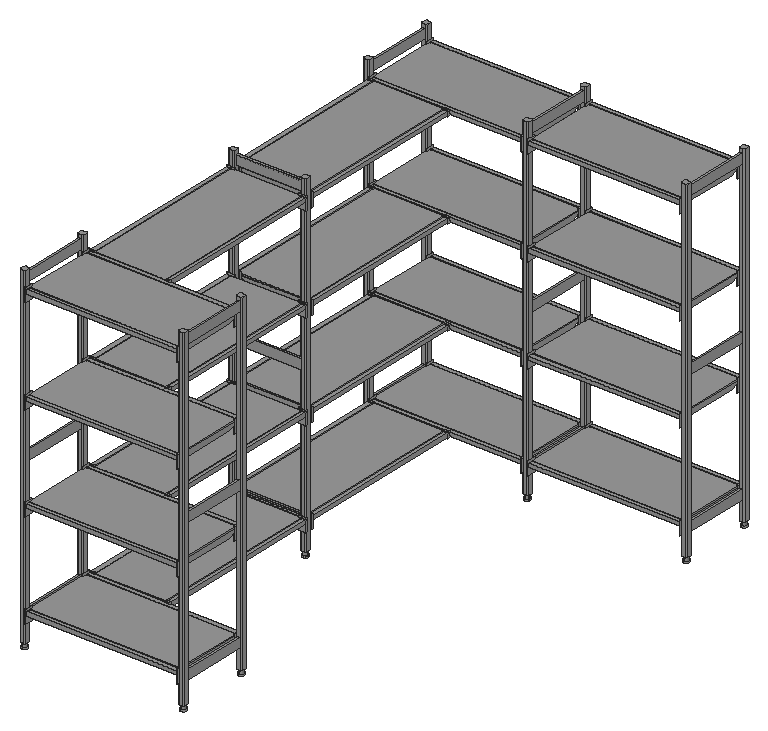
Revit family "QF_ELECTROLUXPROFESSIONAL_137093_CRS1624", category Attrezzature speciali, Revit 2020
Family settings
  Quota connettore circolare = Usa diametro
  Tipo di parte = Normale
  Basato su piano di lavoro = No
  Sempre verticale = Sì
  Taglio con vuoti quando caricato = No
  Condiviso = No
  Punto di calcolo locali = No
Parameters (values of type "Standard")
  Weight = 67.00 kg
  Watts = 0 W
  Volts = 0 V
  URL Manufacturer = "https://www.electroluxprofessional.com/"
  URL = "https://www.electroluxprofessional.com/"
  Steam Supply Size = 0 mm
  Steam Supply Minimum Pressure = 0.0 Pa
  Steam Supply Maximum Pressure = 0.0 Pa
  Steam Consumption per Hour = 0
  Refrigeration Suction Line Size = 0 mm
  Refrigeration Liquid Line Size = 0 mm
  Refrigerant Compressor Remote = yes
  Prospetto di default = 0 mm
  Produttore = "Electrolux Professional"
  Phase = 0
  Modello = "CRS1624"
  Length Actual = 708 mm  # constant formula
  Item Number = "137093"
  Hot Water Size = 0 mm
  Height Actual = 1550 mm  # constant formula
  HP = "0 HP"
  Gas Size = 0 mm
  Gas KW = 0
  Gas Input Pressure = 0 W
  Direct Waste Size = 0 mm
  Descrizione = "ALUM.SHELV.,POLY.TIERS-COLDROOM 163X243"
  Depth Actual = 373 mm  # constant formula
  Cycle = 0 Hz
  Condensate Return Size = 0 mm
  Compressed Air Volume = 0.0 L/s
  Compressed Air Size = 0 mm
  Compressed Air Pressure = 0.0 Pa
  Cold Water Size = 0 mm
  Accessory = yes
Reference planes
  plane 1 "Center (Front/Back)": y = 0
  plane 2: z = 0
  plane 3 "Center (Left/Right)": x = 0
  plane 4: x = -815
  plane 5: y = 1215
  plane 6: y = -1215
  plane 7: x = 815
  plane 8: x = -758
  plane 9: x = 758
  plane 10: y = 1193
  plane 11: y = -1193
Forms (mm)
  Extrusion 1, solid, material "QF_Clearances", detail levels coarse
    sketch origin (0, 0, 0) x (1, 0, 0) y (0, 1, 0)
      loop
        line (-815, -1215) -> (815, -1215) -> (815, 1215) -> (-815, 1215) -> (-815, -1215)
      loop
        line (758, -1193) -> (758, 1193) -> (-758, 1193) -> (-758, -1193) -> (758, -1193)
    from 0 to 1590
Lines and regions (mm)
  symbolic lines, style "QF_Clearances"
    curve 1: line (-815, 1215, 0) -> (-815, -1215, 0)
    curve 2: line (815, 1215, 0) -> (-815, 1215, 0)
    curve 3: line (815, -1215, 0) -> (815, 1215, 0)
Dimensions and locks
  equal spacing: plane 5, plane 1 "Center (Front/Back)", plane 6
  plane 5 to plane 6 = 2430 mm
  equal spacing: plane 4, plane 3 "Center (Left/Right)", plane 7
  plane 4 to plane 7 = 1630 mm
  plane 4 to plane 8 = 57 mm
  plane 8 to plane 9 = 1516 mm
  plane 11 to plane 6 = 22 mm
  plane 10 to plane 11 = 2386 mm
  aligned and locked: level to plane 2
  aligned and locked: Extrusion 1 sketch curve to plane 4
  aligned and locked: Extrusion 1 sketch curve to plane 5
  aligned and locked: Extrusion 1 sketch curve to plane 7
  aligned and locked: Extrusion 1 sketch curve to plane 8
  aligned and locked: plane 10 to Extrusion 1 sketch curve
  aligned and locked: Extrusion 1 sketch curve to plane 9
  aligned and locked: Extrusion 1 sketch curve to plane 11
  aligned and locked: Extrusion 1 sketch curve to plane 6
Automatic sketch dimensions
  curve 1 to plane 4 = 0 mm
  curve 2 to plane 5 = 0 mm
  curve 2 to plane 7 = 0 mm
  curve 1 to plane 6 = 0 mm
  curve 3 to plane 6 = 0 mm
Nested families
  nested 1: "QF_708" at (-341, -843, 0), type "QF_708"
  nested 2: "QF_708" at (403, 1170, 0), type "QF_708"
  nested 3: "QF_708" at (-341, 1170, 0), type "QF_708"
  nested 4: "QF_798G" at (-506.5, 535.5, 0), type "QF_798G"
  nested 5: "QF_798G" at (-506.5, -535.5, 0), type "QF_798G"
Definition of nested family "QF_708"
  Parameters
    Default Elevation = 0 mm
    Model = "137010"
    Manufacturer = "Electrolux Professional"
    Description = ""
  Reference planes
    plane 1: z = 0
    plane 2 "Center (Left/Right)": x = -31
    plane 3 "LEFT": x = -417
    plane 4 "RIGHT": x = 355
    plane 5 "BACK": y = 23
    plane 6 "FRONT": y = -350
    plane 7 "TOP": z = 1700
    plane 8: x = 350
    plane 9: x = -385
    plane 10: x = 323
    plane 11 "Center (Front/Back)": y = -163.5
    plane 12: x = 318
    plane 13: y = -8.5
    plane 14: y = -318.5
    plane 15 "FEET": z = 25
    plane 16: z = 140
    plane 17: z = 590
    plane 18: z = 1040
    plane 19: z = 1490
    plane 20 "CXLeft": x = -403
    plane 21 "CXRight": x = 341
    plane 22: y = 5.5
    plane 23 "CYBack": y = 5.5
    plane 24 "CYFront": y = -332.5
  Forms (mm)
    Extrusion 1, solid
      sketch origin (-417, 0, 0) x (0, 1, 0) y (0, 0, 1)
        loop
          line (4, 1515.994) -> (4, 1497.998) -> (23, 1497.998) -> (23, 1515.994) -> (4, 1515.994)
        loop
          line (-331, 1515.994) -> (-350, 1515.994) -> (-350, 1497.998) -> (-331, 1497.998) -> (-331, 1515.994)
        loop
          line (4, 1065.994) -> (4, 1047.998) -> (23, 1047.998) -> (23, 1065.994) -> (4, 1065.994)
        loop
          line (-331, 1065.994) -> (-350, 1065.994) -> (-350, 1047.998) -> (-331, 1047.998) -> (-331, 1065.994)
        loop
          line (4, 615.994) -> (4, 597.998) -> (23, 597.998) -> (23, 615.994) -> (4, 615.994)
        loop
          line (-331, 615.994) -> (-350, 615.994) -> (-350, 597.998) -> (-331, 597.998) -> (-331, 615.994)
        loop
          line (4, 165.994) -> (4, 147.998) -> (23, 147.998) -> (23, 165.994) -> (4, 165.994)
        loop
          line (-331, 165.994) -> (-350, 165.994) -> (-350, 147.998) -> (-331, 147.998) -> (-331, 165.994)
      from 32 to 740
    Extrusion 2, solid
      sketch origin (-417, 0, 135) x (0, 1, 0) y (0, 0, 1)
        loop
          line (2.007, 1380.994) -> (-329, 1380.994) -> (-329, 1374.496) -> (2.007, 1374.496) -> (2.007, 1380.994)
        loop
          line (2.007, 930.994) -> (-329, 930.994) -> (-329, 924.496) -> (2.007, 924.496) -> (2.007, 930.994)
        loop
          line (2.007, 480.994) -> (-329, 480.994) -> (-329, 474.496) -> (2.007, 474.496) -> (2.007, 480.994)
        loop
          line (2.007, 30.994) -> (-329, 30.994) -> (-329, 24.496) -> (2.007, 24.496) -> (2.007, 30.994)
      from 32 to 740
    Extrusion 3, solid
      sketch origin (355, 0, 135) x (0, 1, 0) y (0, 0, 1)
        loop
          line (-12, 1362.998) -> (4, 1362.998) -> (4, 1380.994) -> (2.007, 1380.994) -> (2.007, 1374.496) -> (-329, 1374.496) -> (-329, 1380.994) -> (-331, 1380.994) -> (-331, 1362.998) -> (-315, 1362.998) -> (-281, 1350.994) -> (-46, 1350.994) -> (-12, 1362.998)
        loop
          line (-12, 912.998) -> (4, 912.998) -> (4, 930.994) -> (2.007, 930.994) -> (2.007, 924.496) -> (-329, 924.496) -> (-329, 930.994) -> (-331, 930.994) -> (-331, 912.998) -> (-315, 912.998) -> (-281, 900.994) -> (-46, 900.994) -> (-12, 912.998)
        loop
          line (-12, 462.998) -> (4, 462.998) -> (4, 480.994) -> (2.007, 480.994) -> (2.007, 474.496) -> (-329, 474.496) -> (-329, 480.994) -> (-331, 480.994) -> (-331, 462.998) -> (-315, 462.998) -> (-281, 450.994) -> (-46, 450.994) -> (-12, 462.998)
        loop
          line (-12, 12.998) -> (4, 12.998) -> (4, 30.994) -> (2.007, 30.994) -> (2.007, 24.496) -> (-329, 24.496) -> (-329, 30.994) -> (-331, 30.994) -> (-331, 12.998) -> (-315, 12.998) -> (-281, 0.994) -> (-46, 0.994) -> (-12, 12.998)
      from -32 to -37
  Lines and regions (mm)
    symbolic lines
      curve 1: line (323, 4, 1700) -> (-385, 4, 1700)
      curve 2: line (-389, 23, 1700) -> (327, 23, 1700)
      curve 3: line (327, 13.246, 1700) -> (333.254, 19.5, 1700)
      curve 4: line (333.254, -8.5, 1700) -> (327, -2.246, 1700)
      curve 5: line (333.254, -318.5, 1700) -> (327, -324.754, 1700)
      curve 6: line (-389, -350, 1700) -> (327, -350, 1700)
      curve 7: line (327, 23, 1700) -> (327, -12.993, 1700)
      curve 8: line (327, -12.993, 1700) -> (323, -12.993, 1700)
      curve 9: line (327, -350, 1700) -> (327, -314.007, 1700)
      curve 10: line (327, -314.007, 1700) -> (323, -314.007, 1700)
      curve 11: line (-385, -12.993, 1700) -> (-385, -314.007, 1700)
      curve 12: line (-385, -331, 1700) -> (323, -331, 1700)
      curve 13: line (323, -12.993, 1700) -> (323, -314.007, 1700)
  Dimensions and locks
    locked: plane 3 "LEFT" to plane 4 "RIGHT" at 772
    equal spacing: plane 3 "LEFT", plane 2 "Center (Left/Right)", plane 4 "RIGHT"
    locked: plane 7 "TOP" to level at 1700
    locked: plane 5 "BACK" to plane 6 "FRONT" at 373
    locked: plane 4 "RIGHT" to plane 8 at 5
    locked: plane 9 to plane 10 at 708
    locked: plane 3 "LEFT" to plane 9 at 32
    plane 12 to plane 10 = 5 mm
    locked: plane 13 to plane 14 at 310
    equal spacing: plane 13, plane 11 "Center (Front/Back)", plane 14
    equal spacing: plane 5 "BACK", plane 11 "Center (Front/Back)", plane 6 "FRONT"
    plane 15 "FEET" to level = 25 mm
    plane 7 "TOP" to plane 15 "FEET" = 1675 mm
    plane 17 to plane 16 = 450 mm
    plane 18 to plane 17 = 450 mm
    plane 19 to plane 18 = 450 mm
    locked: plane 3 "LEFT" to plane 20 "CXLeft" at 14
    locked: plane 21 "CXRight" to plane 4 "RIGHT" at 14
    locked: plane 5 "BACK" to plane 23 "CYBack" at 17.5
    locked: plane 24 "CYFront" to plane 6 "FRONT" at 17.5
    plane 16 to level = 140 mm
    plane 17 to level = 590 mm
    plane 18 to level = 1040 mm
    plane 19 to level = 1490 mm
    aligned and locked: level to plane 1
    aligned and locked: plane 9 to Extrusion 2
    aligned and locked: Extrusion 2 to plane 10
    aligned and locked: plane 9 to Extrusion 1
    aligned and locked: Extrusion 1 to plane 10
    aligned and locked: Extrusion 1 sketch curve to Extrusion 1 sketch curve  (x2)
    aligned and locked: Extrusion 3 sketch curve to Extrusion 3 sketch curve  (x3)
    aligned and locked: Extrusion 3 to plane 12
    aligned and locked: Extrusion 3 to plane 10
    aligned and locked: plane 20 "CXLeft" to nested 1
    aligned and locked: plane 21 "CXRight" to nested 2
  Automatic sketch dimensions
    Extrusion 1 sketch curve to plane 6 "FRONT" = 0 mm  (x4)
    Extrusion 1 sketch curve to plane 5 "BACK" = 0 mm  (x4)
    plane 24 "CYFront" to Extrusion 1 sketch curve = 1.5 mm  (x2)
    plane 22 to Extrusion 1 sketch curve = 1.5 mm  (x4)
    plane 16 to Extrusion 1 sketch curve = 7.998 mm  (x2)
    Extrusion 1 sketch curve to Extrusion 1 sketch curve = 17.997 mm  (x8)
    plane 17 to Extrusion 1 sketch curve = 7.998 mm  (x2)
    plane 18 to Extrusion 1 sketch curve = 7.998 mm  (x2)
    plane 19 to Extrusion 1 sketch curve = 7.998 mm  (x2)
    plane 24 "CYFront" to Extrusion 2 sketch curve = 3.5 mm  (x4)
    plane 22 to Extrusion 2 sketch curve = 3.493 mm  (x4)
    plane 16 to Extrusion 2 sketch curve = 19.496 mm
    Extrusion 2 sketch curve to Extrusion 2 sketch curve = 6.499 mm  (x4)
    plane 17 to Extrusion 2 sketch curve = 19.496 mm
    plane 18 to Extrusion 2 sketch curve = 19.496 mm
    plane 19 to Extrusion 2 sketch curve = 19.496 mm
    plane 24 "CYFront" to Extrusion 3 sketch curve = 1.5 mm  (x4)
    Extrusion 3 sketch curve to Extrusion 3 sketch curve = 2 mm
    plane 14 to Extrusion 3 sketch curve = 3.5 mm  (x4)
    Extrusion 3 sketch curve to plane 16 = 4.006 mm
    Extrusion 3 sketch curve to Extrusion 3 sketch curve = 34 mm  (x4)
    Extrusion 3 sketch curve to plane 17 = 4.006 mm
    Extrusion 3 sketch curve to plane 18 = 4.006 mm
    Extrusion 3 sketch curve to plane 19 = 4.006 mm
    Extrusion 3 sketch curve to plane 13 = 37.5 mm  (x4)
    Extrusion 3 sketch curve to plane 13 = 3.5 mm  (x4)
    plane 22 to Extrusion 3 sketch curve = 3.493 mm  (x4)
    plane 22 to Extrusion 3 sketch curve = 1.5 mm  (x4)
    plane 16 to Extrusion 3 sketch curve = 7.998 mm  (x2)
    Extrusion 3 sketch curve to Extrusion 3 sketch curve = 11.498 mm  (x4)
    Extrusion 3 sketch curve to Extrusion 3 sketch curve = 6.499 mm  (x8)
    plane 17 to Extrusion 3 sketch curve = 7.998 mm  (x2)
    plane 18 to Extrusion 3 sketch curve = 7.998 mm  (x2)
    plane 19 to Extrusion 3 sketch curve = 7.998 mm  (x2)
    curve 6 to plane 6 "FRONT" = 0 mm
    curve 12 to plane 9 = 0 mm
    curve 12 to plane 10 = 0 mm
    curve 5 to plane 14 = 0 mm
    curve 11 to plane 9 = 0 mm
    curve 8 to plane 10 = 0 mm
    curve 4 to plane 13 = 0 mm
    curve 1 to plane 9 = 0 mm
    curve 1 to plane 10 = 0 mm
    curve 2 to plane 5 "BACK" = 0 mm
    plane 14 to curve 10 = 4.493 mm
    curve 7 to plane 13 = 4.493 mm
    curve 10 to plane 10 = 4 mm
    curve 7 to plane 10 = 4 mm
    plane 24 "CYFront" to curve 12 = 1.5 mm
    curve 5 to plane 14 = 6.254 mm
    plane 14 to curve 11 = 4.493 mm
    curve 11 to plane 13 = 4.493 mm
    plane 13 to curve 4 = 6.254 mm
    plane 22 to curve 1 = 1.5 mm
    curve 3 to plane 22 = 7.746 mm
    curve 3 to plane 5 "BACK" = 3.5 mm
    curve 5 to curve 9 = 6.254 mm
    curve 3 to curve 2 = 6.254 mm
    curve 4 to curve 7 = 6.254 mm
    plane 9 to curve 2 = 4 mm
    plane 9 to curve 6 = 4 mm
  Nested families
    nested 1: "WT_Anta373B" at (0, 0, 0), type "WT_Anta373B"
    nested 2: "WT_Anta373B" at (-62, 0, 0) x (-1, 0, 0) z (0, 0, 1), type "WT_Anta373B"
  Definition of nested family "WT_Anta373B"
    Parameters
      WidthLeft = A + 64 mm  # 772 mm
      Width = 1606 mm
      Right = WidthLeft / 2  # 386 mm
      Default Elevation = 0 mm
      Left = -WidthLeft / 2  # -386 mm
      Height = 1590 mm
      FEET = 25 mm
      E = 0 mm
      Dint = Depth - 63 mm  # 310 mm
      Dext = Depth - 8 mm  # 365 mm
      Depth = 373 mm
      DX = (WidthLeft - A) / 2  # 32 mm
      B = 798 mm
      A = 708 mm
    Reference planes
      plane 1: z = 0
      plane 2 "LEFT": x = -417
      plane 3 "BACK": y = 23
      plane 4 "FRONT": y = -350
      plane 5 "TOP": z = 1590
      plane 6 "Center (Front/Back)": y = -163.5
      plane 7: y = -8.5
      plane 8: y = -318.5
      plane 9 "FEET": z = 25
      plane 10: z = 140
      plane 11: z = 590
      plane 12: z = 1040
      plane 13: z = 1490
      plane 14 "CXLeft": x = -403
      plane 15: y = 5.5
      plane 16 "CYBack": y = 5.5
      plane 17 "CYFront": y = -332.5
      plane 18: x = -385.031
      plane 19: x = -380.031
    Forms (mm)
      Extrusion 1, solid
        sketch origin (0, 0, 0) x (1, 0, 0) y (0, 1, 0)
          loop
            line (-417, 13.246) -> (-417, -2.246) -> (-410.746, -8.5) -> (-395.254, -8.5) -> (-389, -2.246) -> (-389, 13.246) -> (-395.254, 19.5) -> (-410.746, 19.5) -> (-417, 13.246)
        from 1590 to 25
      Extrusion 2, solid
        sketch origin (-417, 0, 0) x (0, 1, 0) y (0, 0, 1)
          loop
            line (23, 111.005) -> (23, 172.993) -> (-12.993, 172.993) -> (-12.993, 111.005) -> (23, 111.005)
          loop
            line (-350, 111.005) -> (-314.007, 111.005) -> (-314.007, 172.993) -> (-350, 172.993) -> (-350, 111.005)
          loop
            line (23, 561.005) -> (23, 622.993) -> (-12.993, 622.993) -> (-12.993, 561.005) -> (23, 561.005)
          loop
            line (-350, 561.005) -> (-314.007, 561.005) -> (-314.007, 622.993) -> (-350, 622.993) -> (-350, 561.005)
          loop
            line (23, 1011.005) -> (23, 1072.993) -> (-12.993, 1072.993) -> (-12.993, 1011.005) -> (23, 1011.005)
          loop
            line (-350, 1011.005) -> (-314.007, 1011.005) -> (-314.007, 1072.993) -> (-350, 1072.993) -> (-350, 1011.005)
          loop
            line (23, 1461.005) -> (23, 1522.993) -> (-12.993, 1522.993) -> (-12.993, 1461.005) -> (23, 1461.005)
          loop
            line (-350, 1461.005) -> (-314.007, 1461.005) -> (-314.007, 1522.993) -> (-350, 1522.993) -> (-350, 1461.005)
        from 28 to 32
      Revolve 3, solid
        sketch origin (-403, 0, 0) x (0, 1, 0) y (0, 0, 1)
          loop
            line (5.5, 25) -> (5.5, 0) -> (19, 0) -> (19, 5) -> (14, 5) -> (14, 25) -> (5.5, 25)
          axis (5.5, 25) -> (5.5, 0)
        angle from 0 to 360
      Extrusion 4, solid
        sketch origin (-403, 0, 0) x (0, 1, 0) y (0, 0, 1)
          loop
            line (-8.5, 777.382) -> (-8.5, 822.374) -> (-318.5, 822.374) -> (-318.5, 777.382) -> (-8.5, 777.382)
          loop
            line (-8.5, 1527.244) -> (-8.5, 1572.236) -> (-318.5, 1572.236) -> (-318.5, 1527.244) -> (-8.5, 1527.244)
        from -5 to 5
      Revolve 5, solid
        sketch origin (-403, -627, 0) x (0, -1, 0) y (0, 0, 1)
          loop
            line (-294.5, 25) -> (-294.5, 0) -> (-281, 0) -> (-281, 5) -> (-286, 5) -> (-286, 25) -> (-294.5, 25)
          axis (-294.5, 25) -> (-294.5, 0)
        angle from 0 to 360
      Extrusion 6, solid
        sketch origin (0, -627, 0) x (1, 0, 0) y (0, 1, 0)
          loop
            line (-417, 286.754) -> (-410.746, 280.5) -> (-395.254, 280.5) -> (-389, 286.754) -> (-389, 302.246) -> (-395.254, 308.5) -> (-410.746, 308.5) -> (-417, 302.246) -> (-417, 286.754)
        from 1590 to 25
      Extrusion 7, solid
        sketch origin (-417.031, -0.022, 0) x (0, 1, 0) y (0, 0, -1)
          loop
            line (-12, -1497.998) -> (-46, -1485.994) -> (-281, -1485.994) -> (-315, -1497.998) -> (-331, -1497.998) -> (-331, -1515.994) -> (-329, -1515.994) -> (-329, -1509.496) -> (2.007, -1509.496) -> (2.007, -1515.994) -> (4, -1515.994) -> (4, -1497.998) -> (-12, -1497.998)
          loop
            line (-12, -1047.998) -> (-46, -1035.994) -> (-281, -1035.994) -> (-315, -1047.998) -> (-331, -1047.998) -> (-331, -1065.994) -> (-329, -1065.994) -> (-329, -1059.496) -> (2.007, -1059.496) -> (2.007, -1065.994) -> (4, -1065.994) -> (4, -1047.998) -> (-12, -1047.998)
          loop
            line (-12, -597.998) -> (-46, -585.994) -> (-281, -585.994) -> (-315, -597.998) -> (-331, -597.998) -> (-331, -615.994) -> (-329, -615.994) -> (-329, -609.496) -> (2.007, -609.496) -> (2.007, -615.994) -> (4, -615.994) -> (4, -597.998) -> (-12, -597.998)
          loop
            line (-12, -147.998) -> (-46, -135.994) -> (-281, -135.994) -> (-315, -147.998) -> (-331, -147.998) -> (-331, -165.994) -> (-329, -165.994) -> (-329, -159.496) -> (2.007, -159.496) -> (2.007, -165.994) -> (4, -165.994) -> (4, -147.998) -> (-12, -147.998)
        from -32 to -37
      Extrusion 8, solid
        sketch origin (-403, 0, -659.878) x (0, 1, 0) y (0, 0, 1)
          loop
            line (-8.5, 777.382) -> (-8.5, 822.374) -> (-318.5, 822.374) -> (-318.5, 777.382) -> (-8.5, 777.382)
          loop
            line (-8.5, 1437.382) -> (-8.5, 1482.374) -> (-318.5, 1482.374) -> (-318.5, 1437.382) -> (-8.5, 1437.382)
          loop
            line (-8.5, 2187.382) -> (-8.5, 2232.374) -> (-318.5, 2232.374) -> (-318.5, 2187.382) -> (-8.5, 2187.382)
        from -5 to 5
    Lines and regions (mm)
      symbolic lines
        curve 1: line (-408, -8.5, 1590) -> (-408, -318.5, 1590)
        curve 2: line (-398, -318.5, 1590) -> (-398, -8.5, 1590)
        curve 3: line (-395.254, -8.5, 1590) -> (-410.746, -8.5, 1590)
        curve 4: line (-417, -2.246, 1590) -> (-410.746, -8.5, 1590)
        curve 5: line (-417, 13.246, 1590) -> (-417, -2.246, 1590)
        curve 6: line (-410.746, 19.5, 1590) -> (-417, 13.246, 1590)
        curve 7: line (-395.254, 19.5, 1590) -> (-410.746, 19.5, 1590)
        curve 8: line (-389, 13.246, 1590) -> (-395.254, 19.5, 1590)
        curve 9: line (-395.254, -8.5, 1590) -> (-389, -2.246, 1590)
        curve 10: line (-395.254, -318.5, 1590) -> (-410.746, -318.5, 1590)
        curve 11: line (-417, -324.754, 1590) -> (-410.746, -318.5, 1590)
        curve 12: line (-410.746, -346.5, 1590) -> (-417, -340.246, 1590)
        curve 13: line (-395.254, -346.5, 1590) -> (-410.746, -346.5, 1590)
        curve 14: line (-389, -340.246, 1590) -> (-395.254, -346.5, 1590)
        curve 15: line (-395.254, -318.5, 1590) -> (-389, -324.754, 1590)
        curve 16: line (-389, -350, 1590) -> (-389, -314.007, 1590)
        curve 17: line (-389, -314.007, 1590) -> (-385, -314.007, 1590)
        curve 18: line (-389, 23, 1590) -> (-389, -12.993, 1590)
        curve 19: line (-389, -12.993, 1590) -> (-385, -12.993, 1590)
        curve 20: line (-417, -324.754, 1590) -> (-417, -340.246, 1590)
        curve 21: line (-385, -350, 1590) -> (-385, -314.007, 1590)
        curve 22: line (-385, -350, 1590) -> (-389, -350, 1590)
        curve 23: line (-385, 23, 1590) -> (-389, 23, 1590)
        curve 24: line (-385, -12.993, 1590) -> (-385, 23, 1590)
        curve 25: line (-385.031, -13.016, 1725) -> (-385.031, -314.029, 1725)
    Dimensions and locks
      "Depth": plane 3 "BACK" to plane 4 "FRONT"
      "Dint": plane 7 to plane 8
      equal spacing: plane 7, plane 6 "Center (Front/Back)", plane 8
      equal spacing: plane 3 "BACK", plane 6 "Center (Front/Back)", plane 4 "FRONT"
      plane 9 "FEET" to level = 25 mm
      plane 10 to plane 9 "FEET" = 115 mm
      plane 11 to plane 10 = 450 mm
      plane 12 to plane 11 = 450 mm
      plane 13 to plane 12 = 450 mm
      locked: plane 2 "LEFT" to plane 14 "CXLeft" at 14
      locked: plane 3 "BACK" to plane 16 "CYBack" at 17.5
      locked: plane 17 "CYFront" to plane 4 "FRONT" at 17.5
      locked: Revolve 3 sketch curve to Revolve 3 sketch curve at 8.5
      locked: Revolve 3 sketch curve to plane 16 "CYBack" at 13.5
      locked: Revolve 5 sketch curve to Revolve 5 sketch curve at 8.5
      plane 10 to level = 140 mm
      plane 11 to level = 590 mm
      plane 12 to level = 1040 mm
      plane 13 to level = 1490 mm
      "Height": plane 5 "TOP" to level
      aligned and locked: level to plane 1
      aligned and locked: curve 20 to Extrusion 6
      aligned and locked: plane 5 "TOP" to Extrusion 1
      aligned and locked: plane 5 "TOP" to Extrusion 6
      aligned and locked: Extrusion 7 sketch curve to Extrusion 7 sketch curve  (x3)
    Automatic sketch dimensions
      curve 16 to plane 4 "FRONT" = 0 mm
      curve 11 to plane 8 = 0 mm
      curve 9 to plane 7 = 0 mm
      curve 5 to plane 2 "LEFT" = 0 mm
      curve 23 to plane 3 "BACK" = 0 mm
      plane 4 "FRONT" to curve 13 = 3.5 mm
      curve 20 to plane 17 "CYFront" = 7.746 mm
      curve 20 to plane 8 = 6.254 mm
      plane 8 to curve 16 = 4.493 mm
      curve 24 to plane 18 = 0.031 mm
      curve 24 to plane 7 = 4.493 mm
      plane 7 to curve 5 = 6.254 mm
      curve 5 to plane 15 = 7.746 mm
      curve 6 to plane 3 "BACK" = 3.5 mm
      curve 21 to plane 18 = 0.031 mm
      plane 18 to curve 23 = 3.969 mm
      plane 18 to curve 16 = 3.969 mm
      curve 18 to curve 8 = 6.254 mm
      curve 18 to curve 3 = 6.254 mm
      curve 16 to curve 13 = 6.254 mm
      curve 16 to curve 15 = 6.254 mm
      plane 2 "LEFT" to curve 10 = 6.254 mm
      plane 2 "LEFT" to curve 7 = 6.254 mm
      plane 2 "LEFT" to curve 12 = 6.254 mm
      plane 2 "LEFT" to curve 3 = 6.254 mm
      curve 14 to plane 17 "CYFront" = 7.746 mm
      curve 15 to plane 8 = 6.254 mm
      plane 7 to curve 9 = 6.254 mm
      curve 8 to plane 15 = 7.746 mm
      curve 3 to curve 2 = 2.746 mm
      curve 1 to curve 10 = 2.746 mm
      Extrusion 1 sketch curve to plane 2 "LEFT" = 0 mm
      Extrusion 1 sketch curve to plane 7 = 0 mm
      plane 2 "LEFT" to Extrusion 1 sketch curve = 6.254 mm  (x2)
      plane 14 "CXLeft" to Extrusion 1 sketch curve = 7.746 mm  (x2)
      Extrusion 1 sketch curve to plane 3 "BACK" = 3.5 mm
      plane 18 to Extrusion 1 sketch curve = 3.969 mm
      plane 7 to Extrusion 1 sketch curve = 6.254 mm  (x2)
      Extrusion 1 sketch curve to plane 15 = 7.746 mm  (x2)
      Extrusion 2 sketch curve to plane 4 "FRONT" = 0 mm  (x4)
      Extrusion 2 sketch curve to plane 3 "BACK" = 0 mm  (x4)
      plane 8 to Extrusion 2 sketch curve = 4.493 mm  (x4)
      Extrusion 2 sketch curve to plane 7 = 4.493 mm  (x4)
      Extrusion 2 sketch curve to plane 10 = 28.995 mm  (x2)
      plane 10 to Extrusion 2 sketch curve = 32.993 mm  (x2)
      Extrusion 2 sketch curve to plane 11 = 28.995 mm  (x2)
      plane 11 to Extrusion 2 sketch curve = 32.993 mm  (x2)
      Extrusion 2 sketch curve to plane 12 = 28.995 mm  (x2)
      plane 12 to Extrusion 2 sketch curve = 32.993 mm  (x2)
      Extrusion 2 sketch curve to plane 13 = 28.995 mm  (x2)
      plane 13 to Extrusion 2 sketch curve = 32.993 mm  (x2)
      Revolve 3 sketch curve to plane 9 "FEET" = 0 mm  (x2)
      Revolve 3 sketch curve to plane 15 = 0 mm  (x2)
      Revolve 3 sketch curve to level = 0 mm
      level to Revolve 3 sketch curve = 5 mm
      Revolve 3 sketch curve to Revolve 3 sketch curve = 11.655 mm
      Extrusion 4 sketch curve to plane 8 = 0 mm  (x2)
      Extrusion 4 sketch curve to plane 7 = 0 mm  (x2)
      plane 11 to Extrusion 4 sketch curve = 187.382 mm
      Extrusion 4 sketch curve to Extrusion 4 sketch curve = 44.992 mm
      plane 13 to Extrusion 4 sketch curve = 37.244 mm
      Extrusion 4 sketch curve to plane 5 "TOP" = 17.764 mm
      Revolve 5 sketch curve to plane 9 "FEET" = 0 mm  (x2)
      Revolve 5 sketch curve to plane 17 "CYFront" = 0 mm  (x2)
      Revolve 5 sketch curve to level = 0 mm
      Revolve 5 sketch curve to plane 4 "FRONT" = 4 mm
      Revolve 5 sketch curve to Revolve 5 sketch curve = 5 mm
      level to Revolve 5 sketch curve = 11.655 mm
      Extrusion 6 sketch curve to plane 2 "LEFT" = 0 mm
      Extrusion 6 sketch curve to plane 8 = 0 mm
      Extrusion 6 sketch curve to plane 2 "LEFT" = 6.254 mm  (x2)
      Extrusion 6 sketch curve to plane 14 "CXLeft" = 7.746 mm  (x2)
      Extrusion 6 sketch curve to plane 4 "FRONT" = 3.5 mm
      Extrusion 6 sketch curve to plane 18 = 3.969 mm
      plane 8 to Extrusion 6 sketch curve = 6.254 mm  (x2)
      plane 17 "CYFront" to Extrusion 6 sketch curve = 7.746 mm  (x2)
      plane 17 "CYFront" to Extrusion 7 sketch curve = 1.478 mm  (x4)
      Extrusion 7 sketch curve to Extrusion 7 sketch curve = 2 mm
      plane 8 to Extrusion 7 sketch curve = 3.478 mm  (x4)
      Extrusion 7 sketch curve to plane 10 = 4.006 mm
      Extrusion 7 sketch curve to Extrusion 7 sketch curve = 34 mm  (x4)
      Extrusion 7 sketch curve to plane 11 = 4.006 mm
      Extrusion 7 sketch curve to plane 12 = 4.006 mm
      Extrusion 7 sketch curve to plane 13 = 4.006 mm
      Extrusion 7 sketch curve to plane 7 = 37.522 mm  (x4)
      Extrusion 7 sketch curve to plane 7 = 3.522 mm  (x4)
      plane 15 to Extrusion 7 sketch curve = 3.516 mm  (x4)
      plane 15 to Extrusion 7 sketch curve = 1.522 mm  (x4)
      plane 13 to Extrusion 7 sketch curve = 7.998 mm  (x2)
      Extrusion 7 sketch curve to Extrusion 7 sketch curve = 11.498 mm
      Extrusion 7 sketch curve to Extrusion 7 sketch curve = 6.499 mm  (x5)
      plane 12 to Extrusion 7 sketch curve = 25.994 mm  (x2)
      plane 12 to Extrusion 7 sketch curve = 7.998 mm  (x2)
      plane 11 to Extrusion 7 sketch curve = 25.994 mm  (x2)
      plane 11 to Extrusion 7 sketch curve = 7.998 mm  (x2)
      plane 10 to Extrusion 7 sketch curve = 25.994 mm  (x2)
      plane 10 to Extrusion 7 sketch curve = 7.998 mm  (x2)
      curve 25 to plane 18 = 0 mm
      plane 8 to curve 25 = 4.471 mm
      curve 25 to plane 7 = 4.516 mm
      Extrusion 8 sketch curve to plane 8 = 0 mm  (x3)
      Extrusion 8 sketch curve to plane 7 = 0 mm  (x3)
      Extrusion 8 sketch curve to plane 10 = 22.496 mm
      plane 10 to Extrusion 8 sketch curve = 22.496 mm
      plane 11 to Extrusion 8 sketch curve = 187.504 mm
      Extrusion 8 sketch curve to Extrusion 8 sketch curve = 44.992 mm
      plane 13 to Extrusion 8 sketch curve = 37.504 mm
      Extrusion 8 sketch curve to plane 5 "TOP" = 17.504 mm
Definition of nested family "QF_798G"
  Parameters
    Default Elevation = 0 mm
    Model = "137031"
    Manufacturer = "Electrolux Professional"
    Description = ""
  Reference planes
    plane 1: z = 0
    plane 2 "Center (F/B)": y = -163.5
    plane 3 "Front": y = -549.5
    plane 4 "Left": x = -217.5
    plane 5 "Right": x = 155.5
    plane 6 "TOP": z = 1700
    plane 7: y = -517.5
    plane 8: y = 280.5
    plane 9 "Center (Left/Right)": x = -31
    plane 10: y = 275.5
    plane 11: x = -186
    plane 12: x = 124
    plane 13 "FEET": z = 25
    plane 14: z = 140
    plane 15: z = 590
    plane 16: z = 1040
    plane 17: z = 1490
    plane 18 "CXLeft": y = -535.5
    plane 19: x = -200
    plane 20 "CYBack": x = -200
    plane 21 "CYFront": x = 138
    plane 22 "Back": y = 284.5
    plane 23 "LEFT_ORIGIN": x = -251.5
    plane 24 "BACK_Origin": y = 657.5
  Forms (mm)
    Extrusion 1, solid
      sketch origin (0, -549.5, 0) x (-1, 0, 0) y (0, 0, 1)
        loop
          line (198.5, 1515.994) -> (198.5, 1497.998) -> (217.5, 1497.998) -> (217.5, 1515.994) -> (198.5, 1515.994)
        loop
          line (-136.5, 1515.994) -> (-155.5, 1515.994) -> (-155.5, 1497.998) -> (-136.5, 1497.998) -> (-136.5, 1515.994)
        loop
          line (198.5, 1065.994) -> (198.5, 1047.998) -> (217.5, 1047.998) -> (217.5, 1065.994) -> (198.5, 1065.994)
        loop
          line (-136.5, 1065.994) -> (-155.5, 1065.994) -> (-155.5, 1047.998) -> (-136.5, 1047.998) -> (-136.5, 1065.994)
        loop
          line (198.5, 615.994) -> (198.5, 597.998) -> (217.5, 597.998) -> (217.5, 615.994) -> (198.5, 615.994)
        loop
          line (-136.5, 615.994) -> (-155.5, 615.994) -> (-155.5, 597.998) -> (-136.5, 597.998) -> (-136.5, 615.994)
        loop
          line (198.5, 165.994) -> (198.5, 147.998) -> (217.5, 147.998) -> (217.5, 165.994) -> (198.5, 165.994)
        loop
          line (-136.5, 165.994) -> (-155.5, 165.994) -> (-155.5, 147.998) -> (-136.5, 147.998) -> (-136.5, 165.994)
      from 32 to 830
    Extrusion 2, solid
      sketch origin (0, -549.5, 0) x (-1, 0, 0) y (0, 0, 1)
        loop
          line (196.507, 1515.994) -> (-134.5, 1515.994) -> (-134.5, 1509.496) -> (196.507, 1509.496) -> (196.507, 1515.994)
        loop
          line (196.507, 1065.994) -> (-134.5, 1065.994) -> (-134.5, 1059.496) -> (196.507, 1059.496) -> (196.507, 1065.994)
        loop
          line (196.507, 615.994) -> (-134.5, 615.994) -> (-134.5, 609.496) -> (196.507, 609.496) -> (196.507, 615.994)
        loop
          line (196.507, 165.994) -> (-134.5, 165.994) -> (-134.5, 159.496) -> (196.507, 159.496) -> (196.507, 165.994)
      from 32 to 830
  Lines and regions (mm)
    symbolic lines
      curve 1: line (-198.5, 280.5, 1700) -> (-198.5, -517.5, 1700)
      curve 2: line (-217.5, -521.5, 1700) -> (-217.5, 280.5, 1700)
      curve 3: line (155.5, -521.5, 1700) -> (155.5, 280.5, 1700)
      curve 4: line (-181.507, -517.5, 1700) -> (119.507, -517.5, 1700)
      curve 5: line (136.5, -517.5, 1700) -> (136.5, 280.5, 1700)
      curve 6: line (-198.5, 280.5, 1700) -> (136.5, 280.5, 1700)
  Dimensions and locks
    plane 3 "Front" to plane 2 "Center (F/B)" = 386 mm
    locked: plane 4 "Left" to plane 5 "Right" at 373
    locked: plane 7 to plane 8 at 798
    locked: plane 3 "Front" to plane 7 at 32
    plane 10 to plane 8 = 5 mm
    locked: plane 11 to plane 12 at 310
    equal spacing: plane 11, plane 9 "Center (Left/Right)", plane 12
    equal spacing: plane 4 "Left", plane 9 "Center (Left/Right)", plane 5 "Right"
    locked: plane 3 "Front" to plane 18 "CXLeft" at 14
    locked: plane 3 "Front" to plane 22 "Back" at 834
    plane 23 "LEFT_ORIGIN" to plane 5 "Right" = 407 mm
    locked: plane 22 "Back" to plane 24 "BACK_Origin" at 373
    plane 14 to level = 140 mm
    plane 15 to level = 590 mm
    plane 16 to level = 1040 mm
    locked: plane 6 "TOP" to level at 1700
    plane 17 to level = 1490 mm
    plane 13 "FEET" to level = 25 mm
    aligned and locked: level to plane 1
    aligned and locked: Extrusion 2 to plane 7
    aligned and locked: plane 8 to Extrusion 2
    aligned and locked: Extrusion 1 to plane 7
    aligned and locked: plane 8 to Extrusion 1
    aligned and locked: Extrusion 1 sketch curve to Extrusion 1 sketch curve  (x2)
    aligned and locked: nested 1 to plane 18 "CXLeft"
    aligned and locked: nested 2 to plane 10
  Automatic sketch dimensions
    curve 2 to plane 4 "Left" = 0 mm
    curve 3 to plane 5 "Right" = 0 mm
    plane 7 to curve 1 = 0 mm
    plane 7 to curve 4 = 0 mm
    plane 7 to curve 5 = 0 mm
    plane 8 to curve 2 = 0 mm
    plane 8 to curve 1 = 0 mm
    plane 8 to curve 3 = 0 mm
    plane 21 "CYFront" to curve 5 = 1.5 mm
    plane 19 to curve 6 = 1.5 mm
    plane 7 to curve 3 = 4 mm
    plane 7 to curve 2 = 4 mm
    plane 12 to curve 4 = 4.493 mm
    curve 4 to plane 11 = 4.493 mm
    plane 5 "Right" to Extrusion 1 sketch curve = 0 mm  (x4)
    plane 4 "Left" to Extrusion 1 sketch curve = 0 mm  (x4)
    plane 21 "CYFront" to Extrusion 1 sketch curve = 1.5 mm  (x2)
    plane 19 to Extrusion 1 sketch curve = 1.5 mm  (x4)
    plane 14 to Extrusion 1 sketch curve = 7.998 mm  (x2)
    Extrusion 1 sketch curve to Extrusion 1 sketch curve = 17.997 mm  (x8)
    plane 15 to Extrusion 1 sketch curve = 7.998 mm  (x2)
    plane 16 to Extrusion 1 sketch curve = 7.998 mm  (x2)
    plane 17 to Extrusion 1 sketch curve = 7.998 mm  (x2)
    plane 21 "CYFront" to Extrusion 2 sketch curve = 3.5 mm  (x4)
    plane 19 to Extrusion 2 sketch curve = 3.493 mm  (x4)
    plane 14 to Extrusion 2 sketch curve = 19.496 mm
    Extrusion 2 sketch curve to Extrusion 2 sketch curve = 6.499 mm  (x4)
    plane 15 to Extrusion 2 sketch curve = 19.496 mm
    plane 16 to Extrusion 2 sketch curve = 19.496 mm
    plane 17 to Extrusion 2 sketch curve = 19.496 mm
  Nested families
    nested 1: "WT_Anta373B" at (-194.5, -132.5, 0) x (0, 1, 0) z (0, 0, 1), type "WT_Anta373B"
    nested 2: "WT_Aggancio373B" at (-194.5, 692.5, 0) x (0, 1, 0) z (0, 0, 1), type "WT_Aggancio373B"
  Definition of nested family "WT_Anta373B"
    Parameters
      WidthLeft = A + 64 mm  # 772 mm
      Width = 1606 mm
      Right = WidthLeft / 2  # 386 mm
      Default Elevation = 0 mm
      Left = -WidthLeft / 2  # -386 mm
      Height = 1590 mm
      FEET = 25 mm
      E = 0 mm
      Dint = Depth - 63 mm  # 310 mm
      Dext = Depth - 8 mm  # 365 mm
      Depth = 373 mm
      DX = (WidthLeft - A) / 2  # 32 mm
      B = 798 mm
      A = 708 mm
    Reference planes
      plane 1: z = 0
      plane 2 "LEFT": x = -417
      plane 3 "BACK": y = 23
      plane 4 "FRONT": y = -350
      plane 5 "TOP": z = 1590
      plane 6 "Center (Front/Back)": y = -163.5
      plane 7: y = -8.5
      plane 8: y = -318.5
      plane 9 "FEET": z = 25
      plane 10: z = 140
      plane 11: z = 590
      plane 12: z = 1040
      plane 13: z = 1490
      plane 14 "CXLeft": x = -403
      plane 15: y = 5.5
      plane 16 "CYBack": y = 5.5
      plane 17 "CYFront": y = -332.5
      plane 18: x = -385.031
      plane 19: x = -380.031
    Forms (mm)
      Extrusion 1, solid
        sketch origin (0, 0, 0) x (1, 0, 0) y (0, 1, 0)
          loop
            line (-417, 13.246) -> (-417, -2.246) -> (-410.746, -8.5) -> (-395.254, -8.5) -> (-389, -2.246) -> (-389, 13.246) -> (-395.254, 19.5) -> (-410.746, 19.5) -> (-417, 13.246)
        from 1590 to 25
      Extrusion 2, solid
        sketch origin (-417, 0, 0) x (0, 1, 0) y (0, 0, 1)
          loop
            line (23, 111.005) -> (23, 172.993) -> (-12.993, 172.993) -> (-12.993, 111.005) -> (23, 111.005)
          loop
            line (-350, 111.005) -> (-314.007, 111.005) -> (-314.007, 172.993) -> (-350, 172.993) -> (-350, 111.005)
          loop
            line (23, 561.005) -> (23, 622.993) -> (-12.993, 622.993) -> (-12.993, 561.005) -> (23, 561.005)
          loop
            line (-350, 561.005) -> (-314.007, 561.005) -> (-314.007, 622.993) -> (-350, 622.993) -> (-350, 561.005)
          loop
            line (23, 1011.005) -> (23, 1072.993) -> (-12.993, 1072.993) -> (-12.993, 1011.005) -> (23, 1011.005)
          loop
            line (-350, 1011.005) -> (-314.007, 1011.005) -> (-314.007, 1072.993) -> (-350, 1072.993) -> (-350, 1011.005)
          loop
            line (23, 1461.005) -> (23, 1522.993) -> (-12.993, 1522.993) -> (-12.993, 1461.005) -> (23, 1461.005)
          loop
            line (-350, 1461.005) -> (-314.007, 1461.005) -> (-314.007, 1522.993) -> (-350, 1522.993) -> (-350, 1461.005)
        from 28 to 32
      Revolve 3, solid
        sketch origin (-403, 0, 0) x (0, 1, 0) y (0, 0, 1)
          loop
            line (5.5, 25) -> (5.5, 0) -> (19, 0) -> (19, 5) -> (14, 5) -> (14, 25) -> (5.5, 25)
          axis (5.5, 25) -> (5.5, 0)
        angle from 0 to 360
      Extrusion 4, solid
        sketch origin (-403, 0, 0) x (0, 1, 0) y (0, 0, 1)
          loop
            line (-8.5, 777.382) -> (-8.5, 822.374) -> (-318.5, 822.374) -> (-318.5, 777.382) -> (-8.5, 777.382)
          loop
            line (-8.5, 1527.244) -> (-8.5, 1572.236) -> (-318.5, 1572.236) -> (-318.5, 1527.244) -> (-8.5, 1527.244)
        from -5 to 5
      Revolve 5, solid
        sketch origin (-403, -627, 0) x (0, -1, 0) y (0, 0, 1)
          loop
            line (-294.5, 25) -> (-294.5, 0) -> (-281, 0) -> (-281, 5) -> (-286, 5) -> (-286, 25) -> (-294.5, 25)
          axis (-294.5, 25) -> (-294.5, 0)
        angle from 0 to 360
      Extrusion 6, solid
        sketch origin (0, -627, 0) x (1, 0, 0) y (0, 1, 0)
          loop
            line (-417, 286.754) -> (-410.746, 280.5) -> (-395.254, 280.5) -> (-389, 286.754) -> (-389, 302.246) -> (-395.254, 308.5) -> (-410.746, 308.5) -> (-417, 302.246) -> (-417, 286.754)
        from 1590 to 25
      Extrusion 7, solid
        sketch origin (-417.031, -0.022, 0) x (0, 1, 0) y (0, 0, -1)
          loop
            line (-12, -1497.998) -> (-46, -1485.994) -> (-281, -1485.994) -> (-315, -1497.998) -> (-331, -1497.998) -> (-331, -1515.994) -> (-329, -1515.994) -> (-329, -1509.496) -> (2.007, -1509.496) -> (2.007, -1515.994) -> (4, -1515.994) -> (4, -1497.998) -> (-12, -1497.998)
          loop
            line (-12, -1047.998) -> (-46, -1035.994) -> (-281, -1035.994) -> (-315, -1047.998) -> (-331, -1047.998) -> (-331, -1065.994) -> (-329, -1065.994) -> (-329, -1059.496) -> (2.007, -1059.496) -> (2.007, -1065.994) -> (4, -1065.994) -> (4, -1047.998) -> (-12, -1047.998)
          loop
            line (-12, -597.998) -> (-46, -585.994) -> (-281, -585.994) -> (-315, -597.998) -> (-331, -597.998) -> (-331, -615.994) -> (-329, -615.994) -> (-329, -609.496) -> (2.007, -609.496) -> (2.007, -615.994) -> (4, -615.994) -> (4, -597.998) -> (-12, -597.998)
          loop
            line (-12, -147.998) -> (-46, -135.994) -> (-281, -135.994) -> (-315, -147.998) -> (-331, -147.998) -> (-331, -165.994) -> (-329, -165.994) -> (-329, -159.496) -> (2.007, -159.496) -> (2.007, -165.994) -> (4, -165.994) -> (4, -147.998) -> (-12, -147.998)
        from -32 to -37
      Extrusion 8, solid
        sketch origin (-403, 0, -659.878) x (0, 1, 0) y (0, 0, 1)
          loop
            line (-8.5, 777.382) -> (-8.5, 822.374) -> (-318.5, 822.374) -> (-318.5, 777.382) -> (-8.5, 777.382)
          loop
            line (-8.5, 1437.382) -> (-8.5, 1482.374) -> (-318.5, 1482.374) -> (-318.5, 1437.382) -> (-8.5, 1437.382)
          loop
            line (-8.5, 2187.382) -> (-8.5, 2232.374) -> (-318.5, 2232.374) -> (-318.5, 2187.382) -> (-8.5, 2187.382)
        from -5 to 5
    Lines and regions (mm)
      symbolic lines
        curve 1: line (-408, -8.5, 1590) -> (-408, -318.5, 1590)
        curve 2: line (-398, -318.5, 1590) -> (-398, -8.5, 1590)
        curve 3: line (-395.254, -8.5, 1590) -> (-410.746, -8.5, 1590)
        curve 4: line (-417, -2.246, 1590) -> (-410.746, -8.5, 1590)
        curve 5: line (-417, 13.246, 1590) -> (-417, -2.246, 1590)
        curve 6: line (-410.746, 19.5, 1590) -> (-417, 13.246, 1590)
        curve 7: line (-395.254, 19.5, 1590) -> (-410.746, 19.5, 1590)
        curve 8: line (-389, 13.246, 1590) -> (-395.254, 19.5, 1590)
        curve 9: line (-395.254, -8.5, 1590) -> (-389, -2.246, 1590)
        curve 10: line (-395.254, -318.5, 1590) -> (-410.746, -318.5, 1590)
        curve 11: line (-417, -324.754, 1590) -> (-410.746, -318.5, 1590)
        curve 12: line (-410.746, -346.5, 1590) -> (-417, -340.246, 1590)
        curve 13: line (-395.254, -346.5, 1590) -> (-410.746, -346.5, 1590)
        curve 14: line (-389, -340.246, 1590) -> (-395.254, -346.5, 1590)
        curve 15: line (-395.254, -318.5, 1590) -> (-389, -324.754, 1590)
        curve 16: line (-389, -350, 1590) -> (-389, -314.007, 1590)
        curve 17: line (-389, -314.007, 1590) -> (-385, -314.007, 1590)
        curve 18: line (-389, 23, 1590) -> (-389, -12.993, 1590)
        curve 19: line (-389, -12.993, 1590) -> (-385, -12.993, 1590)
        curve 20: line (-417, -324.754, 1590) -> (-417, -340.246, 1590)
        curve 21: line (-385, -350, 1590) -> (-385, -314.007, 1590)
        curve 22: line (-385, -350, 1590) -> (-389, -350, 1590)
        curve 23: line (-385, 23, 1590) -> (-389, 23, 1590)
        curve 24: line (-385, -12.993, 1590) -> (-385, 23, 1590)
        curve 25: line (-385.031, -13.016, 1725) -> (-385.031, -314.029, 1725)
    Dimensions and locks
      "Depth": plane 3 "BACK" to plane 4 "FRONT"
      "Dint": plane 7 to plane 8
      equal spacing: plane 7, plane 6 "Center (Front/Back)", plane 8
      equal spacing: plane 3 "BACK", plane 6 "Center (Front/Back)", plane 4 "FRONT"
      plane 9 "FEET" to level = 25 mm
      plane 10 to plane 9 "FEET" = 115 mm
      plane 11 to plane 10 = 450 mm
      plane 12 to plane 11 = 450 mm
      plane 13 to plane 12 = 450 mm
      locked: plane 2 "LEFT" to plane 14 "CXLeft" at 14
      locked: plane 3 "BACK" to plane 16 "CYBack" at 17.5
      locked: plane 17 "CYFront" to plane 4 "FRONT" at 17.5
      locked: Revolve 3 sketch curve to Revolve 3 sketch curve at 8.5
      locked: Revolve 3 sketch curve to plane 16 "CYBack" at 13.5
      locked: Revolve 5 sketch curve to Revolve 5 sketch curve at 8.5
      plane 10 to level = 140 mm
      plane 11 to level = 590 mm
      plane 12 to level = 1040 mm
      plane 13 to level = 1490 mm
      "Height": plane 5 "TOP" to level
      aligned and locked: level to plane 1
      aligned and locked: curve 20 to Extrusion 6
      aligned and locked: plane 5 "TOP" to Extrusion 1
      aligned and locked: plane 5 "TOP" to Extrusion 6
      aligned and locked: Extrusion 7 sketch curve to Extrusion 7 sketch curve  (x3)
    Automatic sketch dimensions
      curve 16 to plane 4 "FRONT" = 0 mm
      curve 11 to plane 8 = 0 mm
      curve 9 to plane 7 = 0 mm
      curve 5 to plane 2 "LEFT" = 0 mm
      curve 23 to plane 3 "BACK" = 0 mm
      plane 4 "FRONT" to curve 13 = 3.5 mm
      curve 20 to plane 17 "CYFront" = 7.746 mm
      curve 20 to plane 8 = 6.254 mm
      plane 8 to curve 16 = 4.493 mm
      curve 24 to plane 18 = 0.031 mm
      curve 24 to plane 7 = 4.493 mm
      plane 7 to curve 5 = 6.254 mm
      curve 5 to plane 15 = 7.746 mm
      curve 6 to plane 3 "BACK" = 3.5 mm
      curve 21 to plane 18 = 0.031 mm
      plane 18 to curve 23 = 3.969 mm
      plane 18 to curve 16 = 3.969 mm
      curve 18 to curve 8 = 6.254 mm
      curve 18 to curve 3 = 6.254 mm
      curve 16 to curve 13 = 6.254 mm
      curve 16 to curve 15 = 6.254 mm
      plane 2 "LEFT" to curve 10 = 6.254 mm
      plane 2 "LEFT" to curve 7 = 6.254 mm
      plane 2 "LEFT" to curve 12 = 6.254 mm
      plane 2 "LEFT" to curve 3 = 6.254 mm
      curve 14 to plane 17 "CYFront" = 7.746 mm
      curve 15 to plane 8 = 6.254 mm
      plane 7 to curve 9 = 6.254 mm
      curve 8 to plane 15 = 7.746 mm
      curve 3 to curve 2 = 2.746 mm
      curve 1 to curve 10 = 2.746 mm
      Extrusion 1 sketch curve to plane 2 "LEFT" = 0 mm
      Extrusion 1 sketch curve to plane 7 = 0 mm
      plane 2 "LEFT" to Extrusion 1 sketch curve = 6.254 mm  (x2)
      plane 14 "CXLeft" to Extrusion 1 sketch curve = 7.746 mm  (x2)
      Extrusion 1 sketch curve to plane 3 "BACK" = 3.5 mm
      plane 18 to Extrusion 1 sketch curve = 3.969 mm
      plane 7 to Extrusion 1 sketch curve = 6.254 mm  (x2)
      Extrusion 1 sketch curve to plane 15 = 7.746 mm  (x2)
      Extrusion 2 sketch curve to plane 4 "FRONT" = 0 mm  (x4)
      Extrusion 2 sketch curve to plane 3 "BACK" = 0 mm  (x4)
      plane 8 to Extrusion 2 sketch curve = 4.493 mm  (x4)
      Extrusion 2 sketch curve to plane 7 = 4.493 mm  (x4)
      Extrusion 2 sketch curve to plane 10 = 28.995 mm  (x2)
      plane 10 to Extrusion 2 sketch curve = 32.993 mm  (x2)
      Extrusion 2 sketch curve to plane 11 = 28.995 mm  (x2)
      plane 11 to Extrusion 2 sketch curve = 32.993 mm  (x2)
      Extrusion 2 sketch curve to plane 12 = 28.995 mm  (x2)
      plane 12 to Extrusion 2 sketch curve = 32.993 mm  (x2)
      Extrusion 2 sketch curve to plane 13 = 28.995 mm  (x2)
      plane 13 to Extrusion 2 sketch curve = 32.993 mm  (x2)
      Revolve 3 sketch curve to plane 9 "FEET" = 0 mm  (x2)
      Revolve 3 sketch curve to plane 15 = 0 mm  (x2)
      Revolve 3 sketch curve to level = 0 mm
      level to Revolve 3 sketch curve = 5 mm
      Revolve 3 sketch curve to Revolve 3 sketch curve = 11.655 mm
      Extrusion 4 sketch curve to plane 8 = 0 mm  (x2)
      Extrusion 4 sketch curve to plane 7 = 0 mm  (x2)
      plane 11 to Extrusion 4 sketch curve = 187.382 mm
      Extrusion 4 sketch curve to Extrusion 4 sketch curve = 44.992 mm
      plane 13 to Extrusion 4 sketch curve = 37.244 mm
      Extrusion 4 sketch curve to plane 5 "TOP" = 17.764 mm
      Revolve 5 sketch curve to plane 9 "FEET" = 0 mm  (x2)
      Revolve 5 sketch curve to plane 17 "CYFront" = 0 mm  (x2)
      Revolve 5 sketch curve to level = 0 mm
      Revolve 5 sketch curve to plane 4 "FRONT" = 4 mm
      Revolve 5 sketch curve to Revolve 5 sketch curve = 5 mm
      level to Revolve 5 sketch curve = 11.655 mm
      Extrusion 6 sketch curve to plane 2 "LEFT" = 0 mm
      Extrusion 6 sketch curve to plane 8 = 0 mm
      Extrusion 6 sketch curve to plane 2 "LEFT" = 6.254 mm  (x2)
      Extrusion 6 sketch curve to plane 14 "CXLeft" = 7.746 mm  (x2)
      Extrusion 6 sketch curve to plane 4 "FRONT" = 3.5 mm
      Extrusion 6 sketch curve to plane 18 = 3.969 mm
      plane 8 to Extrusion 6 sketch curve = 6.254 mm  (x2)
      plane 17 "CYFront" to Extrusion 6 sketch curve = 7.746 mm  (x2)
      plane 17 "CYFront" to Extrusion 7 sketch curve = 1.478 mm  (x4)
      Extrusion 7 sketch curve to Extrusion 7 sketch curve = 2 mm
      plane 8 to Extrusion 7 sketch curve = 3.478 mm  (x4)
      Extrusion 7 sketch curve to plane 10 = 4.006 mm
      Extrusion 7 sketch curve to Extrusion 7 sketch curve = 34 mm  (x4)
      Extrusion 7 sketch curve to plane 11 = 4.006 mm
      Extrusion 7 sketch curve to plane 12 = 4.006 mm
      Extrusion 7 sketch curve to plane 13 = 4.006 mm
      Extrusion 7 sketch curve to plane 7 = 37.522 mm  (x4)
      Extrusion 7 sketch curve to plane 7 = 3.522 mm  (x4)
      plane 15 to Extrusion 7 sketch curve = 3.516 mm  (x4)
      plane 15 to Extrusion 7 sketch curve = 1.522 mm  (x4)
      plane 13 to Extrusion 7 sketch curve = 7.998 mm  (x2)
      Extrusion 7 sketch curve to Extrusion 7 sketch curve = 11.498 mm
      Extrusion 7 sketch curve to Extrusion 7 sketch curve = 6.499 mm  (x5)
      plane 12 to Extrusion 7 sketch curve = 25.994 mm  (x2)
      plane 12 to Extrusion 7 sketch curve = 7.998 mm  (x2)
      plane 11 to Extrusion 7 sketch curve = 25.994 mm  (x2)
      plane 11 to Extrusion 7 sketch curve = 7.998 mm  (x2)
      plane 10 to Extrusion 7 sketch curve = 25.994 mm  (x2)
      plane 10 to Extrusion 7 sketch curve = 7.998 mm  (x2)
      curve 25 to plane 18 = 0 mm
      plane 8 to curve 25 = 4.471 mm
      curve 25 to plane 7 = 4.516 mm
      Extrusion 8 sketch curve to plane 8 = 0 mm  (x3)
      Extrusion 8 sketch curve to plane 7 = 0 mm  (x3)
      Extrusion 8 sketch curve to plane 10 = 22.496 mm
      plane 10 to Extrusion 8 sketch curve = 22.496 mm
      plane 11 to Extrusion 8 sketch curve = 187.504 mm
      Extrusion 8 sketch curve to Extrusion 8 sketch curve = 44.992 mm
      plane 13 to Extrusion 8 sketch curve = 37.504 mm
      Extrusion 8 sketch curve to plane 5 "TOP" = 17.504 mm
  Definition of nested family "WT_Aggancio373B"
    Parameters
      WidthLeft = A + 64 mm  # 772 mm
      Width = 1606 mm
      Right = WidthLeft / 2  # 386 mm
      Default Elevation = 0 mm
      Left = -WidthLeft / 2  # -386 mm
      Height = 1590 mm
      FEET = 25 mm
      E = 0 mm
      Dint = Depth - 63 mm  # 310 mm
      Dext = Depth - 8 mm  # 365 mm
      Depth = 373 mm
      DX = (WidthLeft - A) / 2  # 32 mm
      B = 798 mm
      A = 708 mm
    Reference planes
      plane 1: z = 0
      plane 2 "LEFT": x = -417
      plane 3 "BACK": y = 23
      plane 4 "FRONT": y = -350
      plane 5 "TOP": z = 1590
      plane 6 "Center (Front/Back)": y = -163.5
      plane 7: y = -8.5
      plane 8: y = -318.5
      plane 9 "FEET": z = 25
      plane 10: z = 140
      plane 11: z = 590
      plane 12: z = 1040
      plane 13: z = 1490
      plane 14: y = 5.5
      plane 15 "CYBack": y = 5.5
      plane 16 "CYFront": y = -332.5
    Forms (mm)
      Extrusion 1, solid
        sketch origin (-380, -0.022, 0) x (0, 1, 0) y (0, 0, 1)
          loop
            line (-12, 1497.998) -> (4, 1497.998) -> (4, 1515.994) -> (2.007, 1515.994) -> (2.007, 1509.496) -> (-329, 1509.496) -> (-329, 1515.994) -> (-331, 1515.994) -> (-331, 1497.998) -> (-315, 1497.998) -> (-281, 1485.994) -> (-46, 1485.994) -> (-12, 1497.998)
          loop
            line (-12, 1047.998) -> (4, 1047.998) -> (4, 1065.994) -> (2.007, 1065.994) -> (2.007, 1059.496) -> (-329, 1059.496) -> (-329, 1065.994) -> (-331, 1065.994) -> (-331, 1047.998) -> (-315, 1047.998) -> (-281, 1035.994) -> (-46, 1035.994) -> (-12, 1047.998)
          loop
            line (-12, 597.998) -> (4, 597.998) -> (4, 615.994) -> (2.007, 615.994) -> (2.007, 609.496) -> (-329, 609.496) -> (-329, 615.994) -> (-331, 615.994) -> (-331, 597.998) -> (-315, 597.998) -> (-281, 585.994) -> (-46, 585.994) -> (-12, 597.998)
          loop
            line (-12, 147.998) -> (4, 147.998) -> (4, 165.994) -> (2.007, 165.994) -> (2.007, 159.496) -> (-329, 159.496) -> (-329, 165.994) -> (-331, 165.994) -> (-331, 147.998) -> (-315, 147.998) -> (-281, 135.994) -> (-46, 135.994) -> (-12, 147.998)
        from -32 to -37
      Extrusion 2, solid
        sketch origin (-793.062, -324.754, 6.5) x (1, 0, 0) y (0, 0, 1)
          loop
            line (385.062, 1509.496) -> (385.062, 1512.496) -> (376.062, 1512.496) -> (376.062, 1485.994) -> (390.031, 1485.994) -> (390.031, 1491.496) -> (381.062, 1491.496) -> (381.062, 1509.496) -> (385.062, 1509.496)
          loop
            line (385.062, 1059.496) -> (385.062, 1062.496) -> (376.062, 1062.496) -> (376.062, 1035.994) -> (390.031, 1035.994) -> (390.031, 1041.496) -> (381.062, 1041.496) -> (381.062, 1059.496) -> (385.062, 1059.496)
          loop
            line (385.062, 609.496) -> (385.062, 612.496) -> (376.062, 612.496) -> (376.062, 585.994) -> (390.031, 585.994) -> (390.031, 591.496) -> (381.062, 591.496) -> (381.062, 609.496) -> (385.062, 609.496)
          loop
            line (385.062, 159.496) -> (385.062, 162.496) -> (376.062, 162.496) -> (376.062, 135.994) -> (390.031, 135.994) -> (390.031, 141.496) -> (381.062, 141.496) -> (381.062, 159.496) -> (385.062, 159.496)
        from 6.268 to 25.246
      Extrusion 3, solid
        sketch origin (-793.062, 32.754, 6.5) x (1, 0, 0) y (0, 0, 1)
          loop
            line (385.062, 1509.496) -> (385.062, 1512.496) -> (376.062, 1512.496) -> (376.062, 1485.994) -> (390.031, 1485.994) -> (390.031, 1491.496) -> (381.062, 1491.496) -> (381.062, 1509.496) -> (385.062, 1509.496)
          loop
            line (385.062, 1059.496) -> (385.062, 1062.496) -> (376.062, 1062.496) -> (376.062, 1035.994) -> (390.031, 1035.994) -> (390.031, 1041.496) -> (381.062, 1041.496) -> (381.062, 1059.496) -> (385.062, 1059.496)
          loop
            line (385.062, 609.496) -> (385.062, 612.496) -> (376.062, 612.496) -> (376.062, 585.994) -> (390.031, 585.994) -> (390.031, 591.496) -> (381.062, 591.496) -> (381.062, 609.496) -> (385.062, 609.496)
          loop
            line (385.062, 159.496) -> (385.062, 162.496) -> (376.062, 162.496) -> (376.062, 135.994) -> (390.031, 135.994) -> (390.031, 141.496) -> (381.062, 141.496) -> (381.062, 159.496) -> (385.062, 159.496)
        from 9.754 to 28.776
    Lines and regions (mm)
      symbolic lines
        curve 1: line (-412, -350, 0) -> (-408, -350, 0)
        curve 2: line (-412, -331.022, 0) -> (-412, -350, 0)
        curve 3: line (-408, -331.022, 0) -> (-412, -331.022, 0)
        curve 4: line (-408, -350, 0) -> (-408, -331.022, 0)
        curve 5: line (-412, 3.978, 0) -> (-408, 3.978, 0)
        curve 6: line (-412, 23, 0) -> (-412, 3.978, 0)
        curve 7: line (-408, 23, 0) -> (-412, 23, 0)
        curve 8: line (-408, 3.978, 0) -> (-408, 23, 0)
    Dimensions and locks
      "Height": plane 5 "TOP" to level
      "Depth": plane 3 "BACK" to plane 4 "FRONT"
      "Dint": plane 7 to plane 8
      equal spacing: plane 7, plane 6 "Center (Front/Back)", plane 8
      equal spacing: plane 3 "BACK", plane 6 "Center (Front/Back)", plane 4 "FRONT"
      plane 9 "FEET" to level = 25 mm
      plane 10 to plane 9 "FEET" = 115 mm
      locked: plane 11 to plane 10 at 450
      locked: plane 12 to plane 11 at 450
      locked: plane 13 to plane 12 at 450
      locked: plane 3 "BACK" to plane 15 "CYBack" at 17.5
      locked: plane 16 "CYFront" to plane 4 "FRONT" at 17.5
      aligned and locked: level to plane 1
      aligned and locked: Extrusion 1 sketch curve to Extrusion 1 sketch curve  (x3)
    Automatic sketch dimensions
      plane 16 "CYFront" to Extrusion 1 sketch curve = 1.478 mm  (x4)
      Extrusion 1 sketch curve to Extrusion 1 sketch curve = 2 mm
      plane 8 to Extrusion 1 sketch curve = 3.478 mm  (x4)
      Extrusion 1 sketch curve to plane 10 = 4.006 mm
      Extrusion 1 sketch curve to Extrusion 1 sketch curve = 34 mm  (x4)
      Extrusion 1 sketch curve to plane 11 = 4.006 mm
      Extrusion 1 sketch curve to plane 12 = 4.006 mm
      Extrusion 1 sketch curve to plane 13 = 4.006 mm
      Extrusion 1 sketch curve to plane 7 = 37.522 mm  (x4)
      Extrusion 1 sketch curve to plane 7 = 3.522 mm  (x4)
      plane 14 to Extrusion 1 sketch curve = 3.516 mm  (x4)
      plane 14 to Extrusion 1 sketch curve = 1.522 mm  (x4)
      plane 10 to Extrusion 1 sketch curve = 7.998 mm  (x2)
      Extrusion 1 sketch curve to Extrusion 1 sketch curve = 11.498 mm  (x4)
      Extrusion 1 sketch curve to Extrusion 1 sketch curve = 6.499 mm  (x8)
      plane 11 to Extrusion 1 sketch curve = 7.998 mm  (x2)
      plane 12 to Extrusion 1 sketch curve = 7.998 mm  (x2)
      plane 13 to Extrusion 1 sketch curve = 7.998 mm  (x2)
      plane 2 "LEFT" to Extrusion 2 sketch curve = 0 mm  (x4)
      plane 13 to Extrusion 2 sketch curve = 7.996 mm
      plane 11 to Extrusion 2 sketch curve = 7.996 mm
      Extrusion 2 sketch curve to Extrusion 2 sketch curve = 5 mm  (x4)
      plane 11 to Extrusion 2 sketch curve = 2.494 mm
      plane 10 to Extrusion 2 sketch curve = 28.996 mm
      Extrusion 2 sketch curve to Extrusion 2 sketch curve = 3 mm  (x4)
      plane 10 to Extrusion 2 sketch curve = 7.996 mm
      plane 10 to Extrusion 2 sketch curve = 2.494 mm
      Extrusion 2 sketch curve to Extrusion 2 sketch curve = 18 mm  (x3)
      plane 12 to Extrusion 2 sketch curve = 2.494 mm
      plane 12 to Extrusion 2 sketch curve = 7.996 mm
      plane 13 to Extrusion 2 sketch curve = 2.494 mm
      plane 2 "LEFT" to Extrusion 3 sketch curve = 0 mm  (x4)
      plane 13 to Extrusion 3 sketch curve = 7.996 mm
      plane 11 to Extrusion 3 sketch curve = 7.996 mm
      Extrusion 3 sketch curve to Extrusion 3 sketch curve = 5 mm  (x4)
      plane 11 to Extrusion 3 sketch curve = 2.494 mm
      plane 10 to Extrusion 3 sketch curve = 28.996 mm
      Extrusion 3 sketch curve to Extrusion 3 sketch curve = 3 mm  (x4)
      plane 10 to Extrusion 3 sketch curve = 7.996 mm
      plane 10 to Extrusion 3 sketch curve = 2.494 mm
      Extrusion 3 sketch curve to Extrusion 3 sketch curve = 18 mm  (x3)
      plane 12 to Extrusion 3 sketch curve = 2.494 mm
      plane 12 to Extrusion 3 sketch curve = 7.996 mm
      plane 13 to Extrusion 3 sketch curve = 2.494 mm
      plane 2 "LEFT" to curve 1 = 5 mm
      plane 2 "LEFT" to curve 7 = 5 mm
      curve 1 to plane 16 "CYFront" = 17.5 mm
      curve 3 to plane 8 = 12.522 mm
      plane 7 to curve 5 = 12.478 mm
      curve 7 to plane 14 = 17.5 mm
      curve 5 to curve 5 = 4 mm
      curve 1 to curve 4 = 4 mm
      Extrusion 2 sketch curve to Extrusion 2 sketch curve = 4 mm  (x4)
      Extrusion 2 sketch curve to Extrusion 2 sketch curve = 8.969 mm  (x4)
      Extrusion 3 sketch curve to Extrusion 3 sketch curve = 4 mm  (x4)
      Extrusion 3 sketch curve to Extrusion 3 sketch curve = 8.969 mm  (x4)
